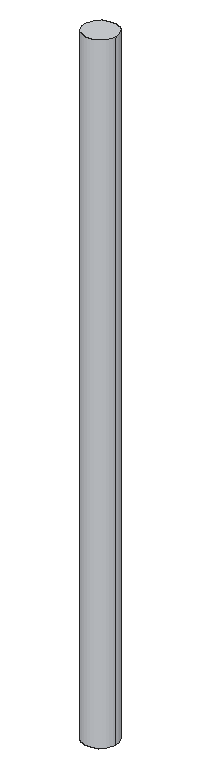
Revit family "桩基001", category 结构基础, Revit 2020
Family settings
  用于模型行为的材质 = 其他
  管帽 = 否
  OmniClass 编号 = 23.25.05.00
  OmniClass 标题 = Foundations
  基于工作平面 = 否
  总是垂直 = 是
  加载时剪切的空心 = 否
  共享 = 否
Parameters
  长度 = 400 mm
  桩基高度 = 6000 mm
  桩基直径 = 300 mm
  宽度 = 400 mm
Reference planes
  plane 1 "中心(前/后)": y = 0
  plane 2: z = 0
  plane 3 "中心(左/右)": x = 0
  plane 4: z = -6000
Forms (mm)
  Extrusion 1, solid
    sketch origin (0, 0, 0) x (1, 0, 0) y (0, 1, 0)
      loop
        circle (0, 0) r 150
    from 0 to -6000
Dimensions and locks
  Extrusion 1 to Extrusion 1 = 6000 mm
  "桩基直径": diameter of Extrusion 1 sketch curve
  aligned and locked: plane 2 to level
  aligned and locked: level to Extrusion 1
  aligned and locked: Extrusion 1 to plane 4
Automatic sketch dimensions
  plane 1 "中心(前/后)" to Extrusion 1 sketch curve = 0 mm
  Extrusion 1 sketch curve to plane 3 "中心(左/右)" = 0 mm
